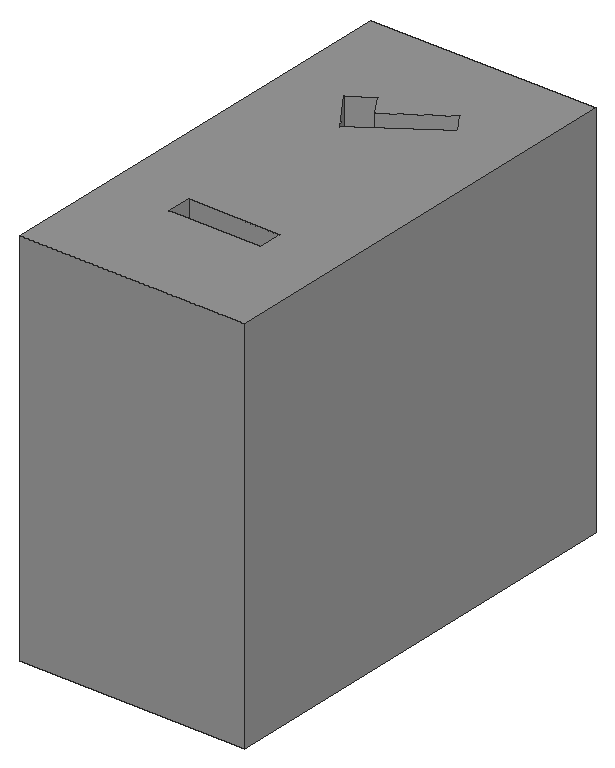
Revit family "Domotics-DomesticRanges-GEWISS-CHORUS_DATA-SOCKET-OUTLET_SELV_POLARIZED", category Apparecchi elettrici, host Superficie, Revit 2016
Family settings
  Host = Superficie
  Mantenere orientamento annotazione = Sì
  Tipo di parte = Normale
  Quota connettore circolare = Usa diametro
  Taglio con vuoti quando caricato = Sì
  Condiviso = Sì
  Punto di calcolo locali = Sì
Parameters (values of type "GW14452 - SELV SOCKET, 2P 6A 24V POLARISED 1M T")
  Volt = 230 V
  Vista in pianta [instance] = yes
  Version file RFA = "19.0"
  URL = "https://www.gewiss.com/ww/en"
  Tipo_ = SYSTEM PRESE SELV_GENERICO : GW21234 Presa 2P 6A 24V (SELV) polarizzata nero
  Technical sheet = "https://www.gewiss.com/ww/en/search?q=GW14452"
  Simbolo [instance] = yes
  Realized by GEWISS S.p.A. = ""
  Default Elevation = 1219.2 mm
  Produttore = "GEWISS S.p.A."
  Offset presa [instance] = 0 mm
  Offset bidimensionale [instance] = 39 mm
  N. poli = 1
  Modello = "GW14452"
  Immagine tipo = GW14452.jpg
  IFC.TypeObject = ""
  IFC.ExportType = ""
  IFC.ExportAs = ""
  IDT = "96037f14-3f77-4f7c-ac17-66f6e1a6483f"
  IDF = "2ee08a52-c07b-4216-a952-f92966231962"
  Electrocod = "0131                "
  EAN code = "8011564267626"
  Distanza_x [instance] = 0 mm
  Distanza_effettiva_y [instance] = 100 mm
  Distanza_effettiva_x [instance] = 1000 mm - Distanza_x  # 1000 mm
  Distanza orizzontale del simbolo [instance] = 114.847 mm
  Distanza dal muro [instance] = 4.208 mm
  Descrizione = "SELV SOCKET, 2P 6A 24V POLARISED 1M T"
  Catalogue Range = "CHORUS - DOMESTIC RANGE"
  Catalogue = "DOMOTICS"
  Carico apparente = 0 VA
  COBie.Tagnumber = ""
  COBie.CreatedOn = ""
  COBie.CreatebBy = ""
  COBie.ComponentRegisterItemID = ""
  COBie.Component.TagNumber = ""
  COBie.Component.Space = ""
  COBie.Component.SerialNumber = ""
  COBie.Component.InstallationDate = ""
  COBie.Component.Description = ""
  COBie.Component.BarCode = ""
Types (3, lengths in mm): name | Tipo_ | Technical sheet | Modello | Immagine tipo | IDT | EAN code | Descrizione
  GW10452 - SELV SOCKET 2P 6A 24V POLARISED 1M WHITE | SYSTEM PRESE SELV_GENERICO : GW20234 Presa 2P 6A 24V (SELV) polarizzata bianco | "https://www.gewiss.com/ww/en/search?q=GW10452" | "GW10452" | GW10452.jpg | "eae3027d-1080-4dfe-9ef5-f78127d2b819" | "8011564262638" | "SELV SOCKET 2P 6A 24V POLARISED 1M WHITE"
  GW12452 - SELV SOCKET 2P 6A 24V POLARISED 1M BLACK | SYSTEM PRESE SELV_GENERICO : GW21234 Presa 2P 6A 24V (SELV) polarizzata nero | "https://www.gewiss.com/ww/en/search?q=GW12452" | "GW12452" | GW12452.jpg | "29df451e-d75d-4970-abf5-0f9e1938b740" | "8011564269651" | "SELV SOCKET 2P 6A 24V POLARISED 1M BLACK"
  GW14452 - SELV SOCKET, 2P 6A 24V POLARISED 1M T | SYSTEM PRESE SELV_GENERICO : GW21234 Presa 2P 6A 24V (SELV) polarizzata nero | "https://www.gewiss.com/ww/en/search?q=GW14452" | "GW14452" | GW14452.jpg | "96037f14-3f77-4f7c-ac17-66f6e1a6483f" | "8011564267626" | "SELV SOCKET, 2P 6A 24V POLARISED 1M T"
Reference planes
  plane 1 "Centro (Fronte/Retro)": y = 0
  plane 2: z = 0
  plane 3 "Centro (Sinistra/Destra)": x = 0
  plane 4: x = -1000
  plane 5: x = 0
  plane 6: y = 100
  plane 7: z = 0
  plane 8 "Piano bidimensionale": z = 39
  plane 9: z = 39
Lines and regions (mm)
  Masking region 1, visible <- "Vista in pianta"
    outline origin (0, 0, 0) x (1, 0, 0) y (0, 1, 0)
      loop
        line (-11.5, 22.5) -> (-11.5, -22.5) -> (11.5, -22.5) -> (11.5, 22.5) -> (-11.5, 22.5)
      loop
        line (-4.71, -11.939) -> (4.71, -11.939) -> (4.71, -9.419) -> (-4.71, -9.419) -> (-4.71, -11.939)
      loop
        line (-5.476, 11.501) -> (-2.629, 7.338) -> (5.216, 12.706) -> (3.787, 14.795) -> (-1.847, 10.94) -> (-3.18, 12.887) -> (-5.476, 11.501)
  Masking region 2, visible <- "Vista in pianta"
    outline origin (0, 0, 0) x (1, 0, 0) y (0, 0, 1)
      loop
        line (11.5, 0) -> (11.5, 39) -> (-11.5, 39) -> (-11.5, 0) -> (11.5, 0)
  Masking region 3, visible <- "Vista in pianta"
    outline origin (0, 0, 0) x (0, 1, 0) y (0, 0, 1)
      loop
        line (22.5, 0) -> (22.5, 39) -> (-22.5, 39) -> (-22.5, 0) -> (22.5, 0)
  model lines, style "0", detail levels coarse
    curve 1: line (11.5, -22.5, 39) -> (11.5, 22.5, 39)
    curve 2: line (11.5, 22.5, 39) -> (-11.5, 22.5, 39)
    curve 3: line (-11.5, 22.5, 39) -> (-11.5, -22.5, 39)
    curve 4: line (-11.5, -22.5, 39) -> (11.5, -22.5, 39)
    curve 5: line (0, -11.939, 39) -> (4.71, -11.939, 39)
    curve 6: line (4.71, -11.939, 39) -> (4.71, -9.419, 39)
    curve 7: line (4.71, -9.419, 39) -> (0, -9.419, 39)
    curve 8: line (0, -9.419, 39) -> (-4.71, -9.419, 39)
    curve 9: line (-4.71, -9.419, 39) -> (-4.71, -11.939, 39)
    curve 10: line (-4.71, -11.939, 39) -> (0, -11.939, 39)
    curve 11: line (-5.476, 11.501, 39) -> (-2.629, 7.338, 39)
    curve 12: line (-2.629, 7.338, 39) -> (5.216, 12.706, 39)
    curve 13: line (5.216, 12.706, 39) -> (3.787, 14.795, 39)
    curve 14: line (3.787, 14.795, 39) -> (-1.847, 10.94, 39)
    curve 15: line (-1.847, 10.94, 39) -> (-3.18, 12.887, 39)
    curve 16: line (-3.18, 12.887, 39) -> (-5.476, 11.501, 39)
    curve 17: line (-2.852, 18.423, 39) -> (2.852, 18.423, 39)
    curve 18: line (-2.852, -17.393, 39) -> (2.852, -17.393, 39)
    curve 19: line (0, -20.245, 39) -> (0, -14.541, 39)
  model lines, style "0", not visible, detail levels coarse
    curve 20: line (69.503, -22.5, 39) -> (69.503, 22.5, 39)
    curve 21: line (69.503, 22.5, 39) -> (46.503, 22.5, 39)
    curve 22: line (46.503, 22.5, 39) -> (46.503, -22.5, 39)
    curve 23: line (46.503, -22.5, 39) -> (69.503, -22.5, 39)
    curve 24: line (58.003, -11.939, 39) -> (62.712, -11.939, 39)
    curve 25: line (62.712, -11.939, 39) -> (62.712, -9.419, 39)
    curve 26: line (62.712, -9.419, 39) -> (58.003, -9.419, 39)
    curve 27: line (58.003, -9.419, 39) -> (53.293, -9.419, 39)
    curve 28: line (53.293, -9.419, 39) -> (53.293, -11.939, 39)
    curve 29: line (53.293, -11.939, 39) -> (58.003, -11.939, 39)
    curve 30: line (52.526, 11.501, 39) -> (55.374, 7.338, 39)
    curve 31: line (55.374, 7.338, 39) -> (63.219, 12.706, 39)
    curve 32: line (63.219, 12.706, 39) -> (61.79, 14.795, 39)
    curve 33: line (61.79, 14.795, 39) -> (56.155, 10.94, 39)
    curve 34: line (56.155, 10.94, 39) -> (54.823, 12.887, 39)
    curve 35: line (54.823, 12.887, 39) -> (52.526, 11.501, 39)
    curve 36: line (55.151, 18.423, 39) -> (60.854, 18.423, 39)
    curve 37: line (55.151, -17.393, 39) -> (60.854, -17.393, 39)
    curve 38: line (58.003, -20.245, 39) -> (58.003, -14.541, 39)
Dimensions and locks
  plane 4 to plane 3 "Centro (Sinistra/Destra)" = 1000 mm
  "Distanza_effettiva_x": plane 4 to plane 5
  "Distanza_effettiva_y": plane 6 to plane 1 "Centro (Fronte/Retro)"
  "Offset presa": plane 7 to host face
  "Offset bidimensionale": plane 8 "Piano bidimensionale" to host face
  locked: plane 9 to plane 7 at 39
  aligned and locked: plane 2 to host face
  aligned and locked: level to host face
  aligned and locked: nested 1 to plane 5
  aligned and locked: nested 1 to plane 6
  aligned and locked: plane 3 "Centro (Sinistra/Destra)" to nested 2
  aligned and locked: plane 1 "Centro (Fronte/Retro)" to nested 2
  aligned and locked: nested 2 to plane 7
  aligned and locked: nested 2 to plane 9  (x2)
  aligned and locked: plane 7 to nested 2  (x2)
  aligned and locked: Masking region 2 sketch curve to nested 2  (x2)
  aligned and locked: Masking region 2 to plane 7
  aligned and locked: Masking region 3 sketch curve to nested 2  (x2)
  aligned and locked: Masking region 3 to plane 7
  aligned and locked: Masking region 3 to plane 9
Automatic sketch dimensions
  host sketch curve to host sketch curve = 2438.4 mm  (x2)
  Masking region 1 sketch curve to plane 3 "Centro (Sinistra/Destra)" = 11.5 mm
  Masking region 1 sketch curve to plane 1 "Centro (Fronte/Retro)" = 22.5 mm
  plane 3 "Centro (Sinistra/Destra)" to Masking region 1 sketch curve = 11.5 mm
  plane 1 "Centro (Fronte/Retro)" to Masking region 1 sketch curve = 22.5 mm
  Masking region 1 sketch curve to plane 3 "Centro (Sinistra/Destra)" = 4.71 mm
  plane 1 "Centro (Fronte/Retro)" to Masking region 1 sketch curve = 11.939 mm
  plane 3 "Centro (Sinistra/Destra)" to Masking region 1 sketch curve = 4.71 mm
  Masking region 1 sketch curve to Masking region 1 sketch curve = 2.519 mm
  Masking region 1 sketch curve to plane 3 "Centro (Sinistra/Destra)" = 2.629 mm
  Masking region 1 sketch curve to plane 1 "Centro (Fronte/Retro)" = 7.338 mm
  Masking region 1 sketch curve to Masking region 1 sketch curve = 2.848 mm
  plane 3 "Centro (Sinistra/Destra)" to Masking region 1 sketch curve = 5.216 mm
  Masking region 1 sketch curve to Masking region 1 sketch curve = 4.162 mm
  Masking region 1 sketch curve to Masking region 1 sketch curve = 1.429 mm
  Masking region 1 sketch curve to plane 3 "Centro (Sinistra/Destra)" = 1.847 mm
  Masking region 1 sketch curve to Masking region 1 sketch curve = 1.333 mm
  Masking region 2 sketch curve to plane 7 = 0 mm
  Masking region 2 sketch curve to plane 9 = 0 mm
  Masking region 3 sketch curve to plane 7 = 0 mm
  plane 9 to Masking region 3 sketch curve = 0 mm
Nested families
  nested 1: "SIMBOLO" at (0, 100, 0), visible <- "Simbolo", SIMBOLO <- "Simbolo", type "SUONERIA"
    with SIMBOLO yes, Distanza dal muro 4.208 mm, BORDO ACCESO yes
  nested 2: "SYSTEM PRESE SELV_GENERICO" at (0, 0, 0), type <- "Tipo_", type "GW21234 Presa 2P 6A 24V (SELV) polarizzata nero", detail levels medium+fine
Connectors
  electrical at (0, 0, 0), driven by "N. poli", driven by "Volt", driven by "Carico apparente"
    settings: on nested 2, index 1, voltage 230 V, apparent load 0 VA, apparent load phase1 0 VA, apparent load phase2 0 VA, apparent load phase3 0 VA, power factor 1, load classification "Altro", number of poles 1, system type 31, power factor state 1, is connector primary yes, connector utility no, sub classification motor no, connector description ""
Definition of nested family "SYSTEM PRESE SELV_GENERICO"
  Parameters (values of type "GW (SELV) polarizzata titanio")
    Profondità presa = 39 mm
    L = 23 mm
    H = 45 mm
    Finitura = none
    Altezza da Terra = 750 mm
  Types (3): name
    GW (SELV) polarizzata bianco
    GW (SELV) polarizzata nero
    GW (SELV) polarizzata titanio
  Reference planes
    plane 1 "Centro (Fronte/Retro)": y = 0
    plane 2: z = 0
    plane 3 "Centro (Sinistra/Destra)": x = 0
    plane 4: x = -11.5
    plane 5: x = 11.5
    plane 6 "A": z = 39
    plane 7: y = 22.5
    plane 8: y = -22.5
    plane 9: z = 29
  Forms (mm)
    Extrusion 1, solid, material <- "Finitura"
      sketch origin (0, 0, 0) x (1, 0, 0) y (0, 1, 0)
        loop
          line (-11.5, 22.5) -> (-11.5, -22.5) -> (11.5, -22.5) -> (11.5, 22.5) -> (-11.5, 22.5)
      from 0 to 39
    Extrusion 2, void
      sketch origin (0, 0, 0) x (1, 0, 0) y (0, 1, 0)
        loop
          line (-5.476, 11.501) -> (-2.629, 7.338) -> (5.216, 12.706) -> (3.787, 14.795) -> (-1.847, 10.94) -> (-3.18, 12.887) -> (-5.476, 11.501)
        loop
          line (4.71, -9.419) -> (-4.71, -9.419) -> (-4.71, -11.939) -> (4.71, -11.939) -> (4.71, -9.419)
      from 29 to 39
  Cuts and joins
    Extrusion 2 cuts Extrusion 1
  Lines and regions (mm)
    model lines
      curve 1: line (-2.852, 18.423, 39) -> (2.852, 18.423, 39)
      curve 2: line (-2.852, -17.393, 39) -> (2.852, -17.393, 39)
      curve 3: line (0, -20.245, 39) -> (0, -14.541, 39)
  Dimensions and locks
    "Profondità presa": plane 6 "A" to level
    equal spacing: plane 4, plane 3 "Centro (Sinistra/Destra)", plane 5
    "L": plane 4 to plane 5
    equal spacing: plane 7, plane 1 "Centro (Fronte/Retro)", plane 8
    "H": plane 7 to plane 8
    plane 6 "A" to plane 9 = 10 mm
    aligned and locked: level to plane 2
    aligned and locked: Extrusion 1 sketch curve to plane 4
    aligned and locked: Extrusion 1 sketch curve to plane 7
    aligned and locked: Extrusion 1 sketch curve to plane 5
    aligned and locked: Extrusion 1 sketch curve to plane 8
    aligned and locked: Extrusion 1 to level
    aligned and locked: plane 6 "A" to Extrusion 1
    aligned and locked: Extrusion 2 to plane 9
    aligned and locked: plane 6 "A" to Extrusion 2
  Automatic sketch dimensions
    Extrusion 2 sketch curve to plane 7 = 10.999 mm
    Extrusion 2 sketch curve to Extrusion 2 sketch curve = 2.297 mm
    Extrusion 2 sketch curve to plane 3 "Centro (Sinistra/Destra)" = 2.629 mm
    Extrusion 2 sketch curve to Extrusion 2 sketch curve = 1.387 mm
    Extrusion 2 sketch curve to plane 3 "Centro (Sinistra/Destra)" = 1.847 mm
    Extrusion 2 sketch curve to Extrusion 2 sketch curve = 1.948 mm
    plane 3 "Centro (Sinistra/Destra)" to Extrusion 2 sketch curve = 3.787 mm
    Extrusion 2 sketch curve to Extrusion 2 sketch curve = 1.429 mm
    Extrusion 2 sketch curve to plane 3 "Centro (Sinistra/Destra)" = 4.71 mm
    plane 1 "Centro (Fronte/Retro)" to Extrusion 2 sketch curve = 9.419 mm
    Extrusion 2 sketch curve to Extrusion 2 sketch curve = 2.519 mm
    plane 3 "Centro (Sinistra/Destra)" to Extrusion 2 sketch curve = 4.71 mm
    curve 1 to plane 7 = 4.077 mm
    plane 8 to curve 2 = 5.107 mm
    curve 2 to plane 5 = 14.352 mm
    curve 3 to curve 2 = 2.852 mm  (x2)
    plane 8 to curve 3 = 2.255 mm
    curve 1 to plane 5 = 14.352 mm
    curve 2 to curve 3 = 2.852 mm
    curve 1 to curve 1 = 5.704 mm
Definition of nested family "SIMBOLO"
  Parameters (values of type "SUONERIA")
    Simbolo = SIMBOLO SEGNAL ACUSTICA_BASE : SUONERIA
    SIMBOLO [instance] = yes
    Distanza dal muro [instance] = 4.208 mm
    BORDO ACCESO [instance] = yes
  Types (2, lengths in mm): name | Simbolo
    SUONERIA | SIMBOLO SEGNAL ACUSTICA_BASE : SUONERIA
    RONZATORE | SIMBOLO SEGNAL ACUSTICA_BASE : RONZATORE
  Reference planes
    plane 1: y = 0
    plane 2: x = 0
  Dimensions and locks
    aligned and locked: plane 2 to nested 1
    aligned and locked: plane 1 to nested 1
  Nested families
    nested 1: "SIMBOLO SEGNAL ACUSTICA_BASE" at (0, 0, 0), BORDO ACCESO <- "BORDO ACCESO", type <- "Simbolo", visible <- "SIMBOLO", type "SUONERIA"
      with BORDO ACCESO yes
  Definition of nested family "SIMBOLO SEGNAL ACUSTICA_BASE"
    Parameters (values of type "SUONERIA E")
      SUONERIA E = yes
      SUONERIA = no
      RONZATORE = no
      Distanza dal muro = 4.208 mm
      BORDO ACCESO [instance] = yes
    Types (4, lengths in mm): name | SUONERIA E | SUONERIA | RONZATORE
      COMM | yes | yes | yes
      SUONERIA | no | yes | no
      SUONERIA E | yes | no | no
      RONZATORE | no | no | yes
    Reference planes
      plane 1: y = 0
      plane 2: x = 0
    Lines and regions (mm)
      detail lines, visible <- "BORDO ACCESO", not visible
        curve 1: line (-1.743, 9.208, 0) -> (2.057, 9.208, 0)
        curve 2: line (2.057, 9.208, 0) -> (2.057, 4.208, 0)
        curve 3: line (2.057, 4.208, 0) -> (-1.743, 4.208, 0)
        curve 4: line (-1.743, 4.208, 0) -> (-1.743, 9.208, 0)
        curve 5: line (-1.543, 9.008, 0) -> (1.857, 9.008, 0)
        curve 6: line (1.857, 9.008, 0) -> (1.857, 4.408, 0)
        curve 7: line (1.857, 4.408, 0) -> (-1.543, 4.408, 0)
        curve 8: line (-1.543, 4.408, 0) -> (-1.543, 9.008, 0)
      detail lines, visible <- "SUONERIA E", not visible
        curve 9: line (-0.396, -1.509, 0) -> (-0.094, -0.868, 0)
      detail lines, not visible
        curve 10: circle (-0.493, -1.534, 0) r 0.1 normal (0, 0, 1)
